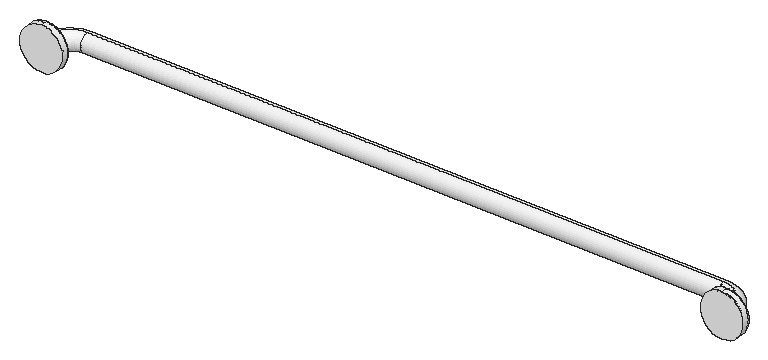
Revit family "SA-1009-48_SPEAKMAN__NEO_ADA GRAB BAR", category Generic Models, host Wall, Revit 2023
Family settings
  Host = Wall
  Can host rebar = No
  Round Connector Dimension = Use Diameter
  Part Type = Normal
  Always vertical = Yes
  Cut with Voids When Loaded = No
  Maintain Annotation Orientation = No
  Shared = No
  Room Calculation Point = No
Parameters
  Length B = 4' - 0"
  MATERIAL_SA-1009 = MATERIAL_SA-1009
  Length A = Length B + 0' 3"  # 4' - 3"
  Default Elevation = 0' - 0"
Reference planes (in)
  plane 1: y = 0
  plane 2 "Center (Left/Right)": x = 0
  plane 3 "Wall Edge": y = 3
  plane 4: z = 32.83198
  plane 5: x = 24
  plane 6: x = -24
  plane 7: z = 32.2002
  plane 8: z = 33.4502
  plane 9: y = 5.75
  plane 10: y = 5.75
  plane 11: y = 5.125
  plane 12: z = 34.33198
  plane 13: z = 31.33198
  plane 14: y = 3.5
  plane 15: x = 25.5
  plane 16: x = -25.5
  plane 17: x = 22.5
  plane 18: x = -22.5
Forms (in)
  Extrusion 1, solid, material "MATERIAL_SA-1009" <- "MATERIAL_SA-1009"
    sketch origin (10.51171, 3.60648, -27) x (1, 0, 0) y (0, 0, 1)
      loop
        circle (13.48829, 59.83198) r 1.5
    from 0.10648 to 0.60648
  Extrusion 2, solid, material "MATERIAL_SA-1009" <- "MATERIAL_SA-1009"
    sketch origin (-10.48829, 3.60648, -27) x (1, 0, 0) y (0, 0, 1)
      loop
        circle (-13.51171, 59.83198) r 1.5
    from 0.10648 to 0.60648
  Sweep 3, void
    path origin (0.01171, 3.60648, -27) x (1, 0, 0) y (0, 0, 1)
      loop
        circle (23.98829, 59.83198) r 1.5
    profile origin (25.5, 3.60648, 32.83198) x (-1, 0, 0) y (0, -1, 0)
      loop
        line (0, 0.10648) -> (0.0625, 0.10648)
        arc (0.0625, 0.10648) -> (0.01831, 0.12479) -> (0, 0.16898) r 0.0625
        line (0, 0.16898) -> (0, 0.10648)
  Sweep 4, void
    path origin (0.01171, 3.60648, -27) x (1, 0, 0) y (0, 0, 1)
      loop
        circle (-24.01171, 59.83198) r 1.5
    profile origin (-25.5, 3.60648, 32.83198) x (0, -1, 0) y (1, 0, 0)
      loop
        line (0.10648, 0) -> (0.16898, 0)
        arc (0.16898, 0) -> (0.12479, 0.01831) -> (0.10648, 0.0625) r 0.0625
        line (0.10648, 0.0625) -> (0.10648, 0)
  Sweep 5, solid, material "MATERIAL_SA-1009" <- "MATERIAL_SA-1009"
    path origin (0, 0.03974, 0) x (1, 0, 0) y (0, 1, 0)
      loop
        line (-24, 3.46026) -> (-24, 3.52276)
        arc (-24, 3.52276) -> (-23.54235, 4.62761) -> (-22.4375, 5.08526) r 1.5625
        line (-22.4375, 5.08526) -> (22.4375, 5.08526)
        arc (22.4375, 5.08526) -> (23.54235, 4.62761) -> (24, 3.52276) r 1.5625
        line (24, 3.52276) -> (24, 3.46026)
    profile origin (-23.54235, 4.66735, 0) x (-0.707107, 0.707107, 0) y (0, 0, 1)
      loop
        circle (0.01177, 32.8252) r 0.625
Cuts and joins
  Sweep 3 cuts Extrusion 1
  Sweep 4 cuts Extrusion 2
  joined: Extrusion 1, Extrusion 2
Text (in)
  text "Placement Side" at (0, 13.14315, 75.8803), in view "Right"
  text "Placement Side" at (-70.3804, 28.46503, 0), in view "Ref. Level"
  text "Placement Side" at (0, 81.62555, 140.59947), in view "Left"
Dimensions and locks (in)
  locked: plane 3 "Wall Edge" to host wall
  plane 7 to plane 8 = 0' - 1 1/4"
  equal spacing: plane 6, plane 2 "Center (Left/Right)", plane 5
  "Length B": plane 6 to plane 5
  host wall to plane 9 = 0' - 2 3/4"
  plane 11 to plane 3 "Wall Edge" = 0' - 2 1/8"
  plane 13 to plane 12 = 0' - 3"
  "Length A": plane 16 to plane 15
  plane 10 to plane 3 "Wall Edge" = 0' - 2 3/4"
  plane 16 to plane 15 = 4' - 3"
  plane 6 to plane 5 = 4' - 0"
  plane 11 to host wall = 0' - 2 1/8"
  plane 10 to host wall = 0' - 2 3/4"
  plane 12 to plane 13 = 0' - 3"  (x2)
  plane 8 to plane 7 = 0' - 1 1/4"  (x2)
  host wall to plane 11 = 0' - 2 1/8"
  plane 3 "Wall Edge" to plane 14 = 0' - 0 1/2"
  plane 17 to plane 15 = 0' - 3"
  plane 18 to plane 16 = 0' - 3"
  equal spacing: plane 18, plane 6, plane 16
  equal spacing: plane 17, plane 5, plane 15
  plane 14 to host wall = 0' - 0 1/2"
  plane 10 to plane 14 = 0' - 2 1/4"
  host wall to plane 14 to plane 10 = 0' - 0 1/2", 0' - 2 1/4"
  diameter of Sweep 5 sketch curve = 0' - 1 1/4"
  aligned and locked: plane 5 to Extrusion 1 sketch curve  (x2)
  aligned and locked: plane 12 to Extrusion 1
  aligned and locked: plane 13 to Extrusion 1
  aligned and locked: plane 5 to Extrusion 1  (x2)
  aligned and locked: plane 6 to Extrusion 2 sketch curve  (x2)
  aligned and locked: plane 6 to Extrusion 2  (x2)
  aligned and locked: plane 12 to Extrusion 2
  aligned and locked: plane 13 to Extrusion 2
  aligned and locked: plane 5 to Sweep 3 sketch curve  (x2)
  aligned and locked: plane 12 to Sweep 3 sketch curve
  aligned and locked: plane 13 to Sweep 3 sketch curve
  aligned and locked: Sweep 3 sketch curve to profile plane
  aligned and locked: Sweep 3 sketch curve to Extrusion 1
  aligned and locked: plane 6 to Sweep 4 sketch curve  (x2)
  aligned and locked: Sweep 4 sketch curve to Extrusion 2
  aligned and locked: profile plane to Sweep 4 sketch curve
  aligned and locked: plane 14 to Extrusion 2
  aligned and locked: plane 14 to Extrusion 1
  aligned and locked: plane 14 to Sweep 5 sketch curve  (x2)
  aligned and locked: plane 6 to Sweep 5 sketch curve
  aligned and locked: plane 11 to Sweep 5 sketch curve  (x2)
  aligned and locked: plane 5 to Sweep 5 sketch curve  (x2)
Automatic sketch dimensions
  Extrusion 1 sketch curve to Extrusion 1 sketch curve = 0' - 0"  (x2)
  Extrusion 1 sketch curve to plane 4 = 0' - 0"
  plane 5 to Extrusion 1 sketch curve = 0' - 0"
  Extrusion 1 sketch curve to plane 13 = 0' - 0"
  Extrusion 2 sketch curve to Extrusion 2 sketch curve = 0' - 0"  (x2)
  Extrusion 2 sketch curve to plane 4 = 0' - 0"
  plane 6 to Extrusion 2 sketch curve = 0' - 0"
  Extrusion 2 sketch curve to plane 13 = 0' - 0"
  Sweep 3 sketch curve to Sweep 3 sketch curve = 0' - 0"
  plane 5 to Sweep 3 sketch curve = 0' - 0"
  Sweep 3 sketch curve to Sweep 3 sketch curve = 0' - 0 1/16"
  Sweep 4 sketch curve to Sweep 4 sketch curve = 0' - 0"  (x2)
  Sweep 4 sketch curve to plane 4 = 0' - 0"
  plane 6 to Sweep 4 sketch curve = 0' - 0"
  Sweep 4 sketch curve to plane 13 = 0' - 0"
  Sweep 4 sketch curve to profile plane = 0' - 0 1/16"
  Sweep 5 sketch curve to Sweep 5 sketch curve = 0' - 0"  (x2)
  Sweep 5 sketch curve to profile plane = 0' - 0.01177"
  profile plane to Sweep 5 sketch curve = 2' - 8.8252"
  Sweep 5 sketch curve to plane 6 = 0' - 1 9/16"
  plane 5 to Sweep 5 sketch curve = 0' - 1 9/16"
